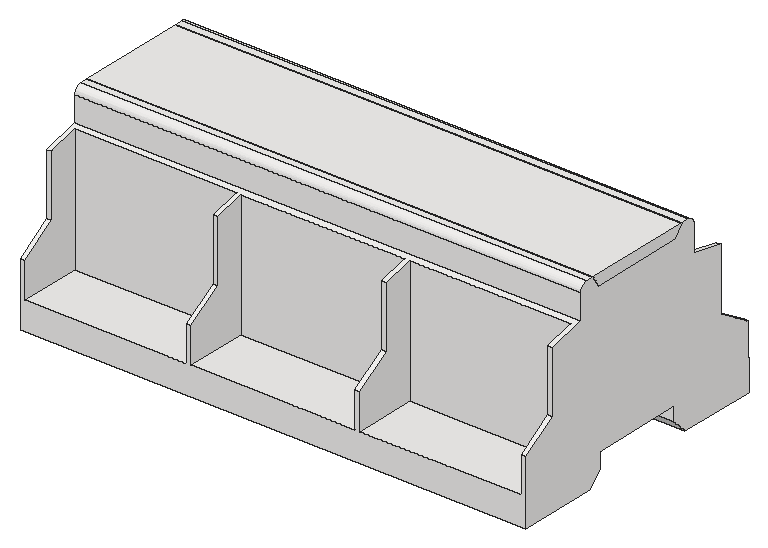
Revit family "Control_Unit-Lutron-Energi_Savr_Node-QSN-2ECO-120-D", category Lighting Devices, host Face, Revit 2018
Family settings
  Host = Face
  Maintain Annotation Orientation = Yes
  Round Connector Dimension = Use Radius
  Part Type = Normal
  OmniClass Number = 23.80.30.11.17
  OmniClass Title = Distribution Boards and Control Panels
  Cut with Voids When Loaded = No
  Shared = No
  Room Calculation Point = No
Parameters (values of type "QSN-2ECO-120-D")
  Warranty URL = "http://www.lutron.com/en-US/Service-Support/Pages/Service/Warranty/Warranty.aspx"
  Voltage = 120 V
  Video Link = "https://www.youtube.com/user/LutronElectronicsInc"
  Version = "2018 - v1.0a"  # constant formula
  Type Comments = ""
  Support Phone = "(224) 699-9545"  # constant formula
  Support Email = "mailto: support@anguleris.com"
  Product Page URL = "https://www.lutron.com/en-US/products/pages/wholebuildingsystems/athena/overview.aspx"
  Product Name = "EcoSystem Power Module"
  Product Documentation Link = "https://www.lutron.com/TechnicalDocumentLibrary/3691142.pdf"
  Performance URL = "http://www.lutron.com/en-US/Service-Support/Pages/Technical/PerfomanceSpecs.aspx"
  Operating Voltage = "120 V~ 50/60 Hz 120 mA"
  URL = "http://www.lutron.com"
  Series = "Athena"
  Overall Width = 0' - 6 3/8"  # constant formula
  Overall Height = 0' - 2 3/8"  # constant formula
  Overall Depth = 0' - 3 1/2"  # constant formula
  Number of Poles = 1
  Model = "QSN-2ECO-120-D"
  Minimum Operating Temperature = 32 °F
  Maximum Operating Temperature = 104 °F
  Material = ""
  Manufacturer Phone Number = "610-282-3800"  # constant formula
  Manufacturer Fax Number = "610-282-1243"  # constant formula
  Manufacturer Email = "mailto:support@lutron.com"
  Manufacturer Address = "7200 Suter Rd, Coopersburg, PA 18036"  # constant formula
  Manufacturer = "Lutron Electronics Co., Inc"  # constant formula
  Label [instance] = "LC"
  Keynote = ""
  Instruction Sheet Link = "http://www.lutron.com/en-US/Service-Support/Pages/Technical/InstallationInstructions/InstallationInstructions.aspx#Power%20Interfaces%20&%20Power%20Panels"
  Frequency = "50|60 Hz"
  Finish = Plastic - Lutron - White - Matte
  Description = "The Energi Savr Node (ESN) family is a group of modular products for the control of lighting loads\r\nand motor loads."
  Default Elevation = 4' - 0"
  Current = 0.12 A
  Cost Info = "mailto:sales@lutron.com"
  Cost = 0
  Copyright = "© 2021 Lutron Electronics Co., Inc."  # constant formula
  Assembly Code = "D3060"
  Apparent Power [instance] = Voltage * Current  # 14.4 VA
  Annotation Symbol Visibility [instance] = yes
Reference planes (in)
  plane 1 "Center (Front/Back)": y = 0
  plane 2: z = 0
  plane 3 "Center (Left/Right)": x = 0
  plane 4: z = 2.375
  plane 5: y = 1.75
  plane 6: y = -1.75
  plane 7: x = -3.1875
  plane 8: x = 3.1875
  plane 9: x = -1.0625
  plane 10: x = 1.0625
Forms (in)
  Extrusion 1, solid, material "Plastic - Lutron - White - Matte" <- "Finish"
    sketch origin (8.5, 0.00455, 0.02943) x (0, -1, 0) y (0, 0, 1)
      loop
        line (1.75455, -0.02943) -> (1.75455, 0.77871) -> (1.33367, 1.04799) -> (1.33367, 1.82638) -> (0.89356, 1.93611) -> (0.89356, 2.25426)
        arc (0.89356, 2.25426) -> (0.86682, 2.31883) -> (0.80225, 2.34557) r 0.09132
        line (0.80225, 2.34557) -> (0.70059, 2.34557) -> (0.60254, 2.20554) -> (0.00455, 2.20554) -> (-0.59343, 2.20554) -> (-0.69149, 2.34557) -> (-0.79314, 2.34557)
        arc (-0.79314, 2.34557) -> (-0.86123, 2.31511) -> (-0.88388, 2.24403) r 0.09132
        line (-0.88388, 2.24403) -> (-0.88388, 1.92541) -> (-1.3105, 1.83473) -> (-1.3105, 1.05456) -> (-1.74545, 0.77972) -> (-1.74545, -0.02943) -> (-0.75275, -0.02943) -> (-0.57598, 0.14735) -> (-0.57598, 0.33151) -> (0.5916, 0.33151) -> (0.5916, 0.1255) -> (0.74653, -0.02943) -> (1.75455, -0.02943)
    from 5.3125 to 11.6875
  Extrusion 2, void
    sketch origin (0, -12.51256, 0) x (1, 0, 0) y (0, 1, 0)
      loop
        line (-1.03364, 13.47887) -> (1.03364, 13.47887) -> (1.03364, 14.33418) -> (-1.03364, 14.33418) -> (-1.03364, 13.47887)
      loop
        line (3.12977, 14.33418) -> (1.09136, 14.33418) -> (1.09136, 13.47887) -> (3.12977, 13.47887) -> (3.12977, 14.33418)
      loop
        line (-3.12977, 14.33418) -> (-3.12977, 13.47887) -> (-1.09136, 13.47887) -> (-1.09136, 14.33418) -> (-3.12977, 14.33418)
      loop
        line (-1.03364, 11.54625) -> (-1.03364, 10.69094) -> (1.03364, 10.69094) -> (1.03364, 11.54625) -> (-1.03364, 11.54625)
      loop
        line (3.12977, 10.69094) -> (3.12977, 11.54625) -> (1.09136, 11.54625) -> (1.09136, 10.69094) -> (3.12977, 10.69094)
      loop
        line (-3.12977, 10.69094) -> (-1.09136, 10.69094) -> (-1.09136, 11.54625) -> (-3.12977, 11.54625) -> (-3.12977, 10.69094)
    from 0.36094 to 2.375
  Extrusion 3, solid, material "Plastic - Lutron - White - Matte" <- "Finish"
    sketch origin (0, 0, 0) x (0, 1, 0) y (0, 0, 1)
      loop
        line (-0.69604, 2.375) -> (-0.59799, 2.23497) -> (0.59799, 2.23497) -> (0.69604, 2.375) -> (-0.69604, 2.375)
    from -3.1875 to 3.1875
Cuts and joins
  Extrusion 2 cuts Extrusion 1
Lines and regions (in)
  Masking region 1
    outline origin (0, 0, 0) x (1, 0, 0) y (0, 0, 1)
      loop
        line (3.1875, 0) -> (3.1875, 2.375) -> (-3.1875, 2.375) -> (-3.1875, 0) -> (3.1875, 0)
  symbolic lines, detail levels medium+fine
    curve 1: line (3.1875, 0, 2.29882) -> (-3.1875, 0, 2.29882)
  symbolic lines, detail levels fine
    curve 2: line (3.12977, 0, 1.95483) -> (3.12977, 0, 0.36094)
    curve 3: line (3.12977, 0, 0.36094) -> (1.09136, 0, 0.36094)
    curve 4: line (1.09136, 0, 0.36094) -> (1.09136, 0, 1.93828)
    curve 5: line (1.03364, 0, 1.93828) -> (1.03364, 0, 0.36094)
    curve 6: line (1.03364, 0, 0.36094) -> (-0.02886, 0, 0.36094)
    curve 7: line (-0.02886, 0, 0.36094) -> (-1.03364, 0, 0.36094)
    curve 8: line (-1.03364, 0, 0.36094) -> (-1.03364, 0, 1.93828)
    curve 9: line (-1.09136, 0, 1.93828) -> (-1.09136, 0, 0.36094)
    curve 10: line (-1.09136, 0, 0.36094) -> (-3.12977, 0, 0.36094)
    curve 11: line (-3.12977, 0, 0.36094) -> (-3.12977, 0, 1.95483)
    curve 12: line (3.12977, 0, 1.95483) -> (-3.12977, 0, 1.95483)
    curve 13: line (1.09136, 0, 1.93828) -> (3.12977, 0, 1.93828)
    curve 14: line (-0.02886, 0, 1.93828) -> (1.09136, 0, 1.93828)
    curve 15: line (-1.03364, 0, 1.93828) -> (-0.02886, 0, 1.93828)
    curve 16: line (-1.09136, 0, 1.93828) -> (-3.12977, 0, 1.93828)
Dimensions and locks (in)
  equal spacing: host sketch curve, plane 1 "Center (Front/Back)", host sketch curve
  equal spacing: host sketch curve, plane 3 "Center (Left/Right)", host sketch curve
  "Overall Height": plane 4 to level
  equal spacing: plane 5, plane 1 "Center (Front/Back)", plane 6
  "Overall Depth": plane 5 to plane 6
  equal spacing: plane 7, plane 3 "Center (Left/Right)", plane 8
  "Overall Width": plane 7 to plane 8
  equal spacing: cut or joined group of Extrusion 1, Extrusion 2, plane 9, cut or joined group of Extrusion 1, Extrusion 2  (x2)
  equal spacing: cut or joined group of Extrusion 1, Extrusion 2, plane 10, cut or joined group of Extrusion 1, Extrusion 2  (x2)
  equal spacing: plane 7, plane 9, plane 10, plane 8
  Extrusion 2 sketch curve to Extrusion 2 sketch curve to Extrusion 2 sketch curve to Extrusion 2 sketch curve to Extrusion 2 sketch curve to Extrusion 2 sketch curve to plane 3 "Center (Left/Right)" to Extrusion 2 sketch curve to Extrusion 2 sketch curve to Extrusion 2 sketch curve to Extrusion 2 sketch curve to Extrusion 2 sketch curve to Extrusion 2 sketch curve = 0' - 0" locked, 0' - 2.03841" locked, 0' - 0" locked, 0' - 0.05773" locked, 0' - 0" locked, 0' - 1.03364" locked, 0' - 1.03364" locked, 0' - 0" locked, 0' - 0.05773" locked, 0' - 0" locked, 0' - 2.03841" locked, 0' - 0" locked
  Extrusion 2 sketch curve to Extrusion 2 sketch curve to Extrusion 2 sketch curve to plane 1 "Center (Front/Back)" to Extrusion 2 sketch curve to Extrusion 2 sketch curve to Extrusion 2 sketch curve = 0' - 0" locked, 0' - 0" locked, 0' - 1.82162" locked, 0' - 1.82162" locked, 0' - 0" locked, 0' - 0" locked
  aligned and locked: plane 2 to host face
  aligned and locked: level to host face
  aligned and locked: plane 1 "Center (Front/Back)" to nested 1
  aligned and locked: plane 3 "Center (Left/Right)" to nested 1
  aligned and locked: plane 7 to Extrusion 1
  aligned and locked: plane 8 to cut or joined group of Extrusion 1, Extrusion 2
  aligned and locked: cut or joined group of Extrusion 1, Extrusion 2 to plane 6
  aligned and locked: cut or joined group of Extrusion 1, Extrusion 2 to plane 5
  aligned and locked: plane 4 to cut or joined group of Extrusion 1, Extrusion 2  (x2)
  aligned and locked: plane 4 to Extrusion 3 sketch curve
  aligned and locked: Extrusion 3 sketch curve to cut or joined group of Extrusion 1, Extrusion 2  (x3)
  aligned and locked: Extrusion 3 to cut or joined group of Extrusion 1, Extrusion 2
  aligned and locked: cut or joined group of Extrusion 1, Extrusion 2 to Extrusion 3
  aligned and locked: Extrusion 2 to Extrusion 1  (x2)
Automatic sketch dimensions
  Extrusion 1 sketch curve to level = 0' - 0"  (x2)
  Extrusion 1 sketch curve to plane 4 = 0' - 0"  (x2)
  Extrusion 1 sketch curve to plane 1 "Center (Front/Back)" = 0' - 0"
  level to Extrusion 1 sketch curve = 0' - 0.17678"
  Extrusion 1 sketch curve to plane 1 "Center (Front/Back)" = 0' - 0.58053"
  Extrusion 1 sketch curve to plane 4 = 0' - 0.14003"
  Extrusion 1 sketch curve to plane 1 "Center (Front/Back)" = 0' - 0.59799"
  Extrusion 1 sketch curve to Extrusion 1 sketch curve = 0' - 0.09805"  (x2)
  Extrusion 1 sketch curve to Extrusion 1 sketch curve = 0' - 0.17678"
  Extrusion 1 sketch curve to Extrusion 1 sketch curve = 0' - 0.10166"  (x2)
  Extrusion 1 sketch curve to Extrusion 1 sketch curve = 0' - 0.09074"
  plane 5 to Extrusion 1 sketch curve = 0' - 0.43495"
  Extrusion 1 sketch curve to plane 5 = 0' - 0"
  plane 1 "Center (Front/Back)" to Extrusion 1 sketch curve = 0' - 0.58705"
  Extrusion 1 sketch curve to Extrusion 1 sketch curve = 0' - 0.59799"
  Extrusion 1 sketch curve to Extrusion 1 sketch curve = 0' - 0.15493"
  Extrusion 1 sketch curve to plane 4 = 0' - 0.40946"
  Extrusion 1 sketch curve to Extrusion 1 sketch curve = 0' - 0.09132"
  plane 6 to Extrusion 1 sketch curve = 0' - 0.42088"
  Extrusion 1 sketch curve to plane 6 = 0' - 0"
  level to Extrusion 1 sketch curve = 0' - 0.15493"
  Extrusion 1 sketch curve to Extrusion 1 sketch curve = 0' - 0.20601"
  Extrusion 1 sketch curve to Extrusion 1 sketch curve = 0' - 0.80814"
  Extrusion 1 sketch curve to Extrusion 1 sketch curve = 0' - 0.80915"
  Extrusion 1 sketch curve to Extrusion 1 sketch curve = 0' - 0.26928"
  Extrusion 1 sketch curve to Extrusion 1 sketch curve = 0' - 0.27484"
  Extrusion 1 sketch curve to Extrusion 1 sketch curve = 0' - 0.10973"
  Extrusion 1 sketch curve to plane 4 = 0' - 0.51085"
  Extrusion 1 sketch curve to Extrusion 1 sketch curve = 0' - 0.28013"
  Extrusion 1 sketch curve to plane 4 = 0' - 0.10154"
  plane 6 to Extrusion 2 sketch curve = 0' - 0.78369"  (x2)
  Extrusion 2 sketch curve to Extrusion 2 sketch curve = 0' - 0"  (x2)
  plane 5 to Extrusion 2 sketch curve = 0' - 0.78369"  (x2)
  Masking region 1 sketch curve to level = 0' - 0"
  plane 7 to Masking region 1 sketch curve = 0' - 0"
  Masking region 1 sketch curve to plane 8 = 0' - 0"
  Masking region 1 sketch curve to plane 4 = 0' - 0"
  plane 7 to curve 1 = 0' - 0"
  curve 1 to plane 8 = 0' - 0"
  curve 10 to plane 7 = 0' - 0.05773"
  curve 15 to plane 3 "Center (Left/Right)" = 0' - 0.02886"
  curve 7 to plane 3 "Center (Left/Right)" = 0' - 0.02886"
  curve 2 to plane 8 = 0' - 0.05773"
  level to curve 6 = 0' - 0.36094"
  level to curve 10 = 0' - 0.36094"
  level to curve 2 = 0' - 0.36094"
  curve 8 to plane 4 = 0' - 0.43672"
  curve 16 to curve 8 = 0' - 0"
  curve 13 to curve 12 = 0' - 0.01655"
  curve 1 to plane 4 = 0' - 0.07618"
  curve 16 to curve 14 = 0' - 1 1/16"
  curve 9 to curve 15 = 0' - 0.05773"
  plane 3 "Center (Left/Right)" to curve 5 = 0' - 1.03364"
  curve 5 to curve 4 = 0' - 0.05773"
Nested families (in)
  nested 1: "Lutron_Lighting_Power_Module_Annotation" at (0, 0, 0), visible <- "Annotation Symbol Visibility", type "QSE-CL-4M-D/LQSE-4M-D", detail levels coarse+medium
Connectors (in)
  electrical at (0, 1.25365, 0)
    settings: on cut or joined group of Extrusion 1, Extrusion 2, index 1, voltage 0 V, apparent load 0 VA, apparent load phase1 0 VA, apparent load phase2 0 VA, apparent load phase3 0 VA, power factor 1, load classification "Other", number of poles 1, system type 13, power factor state 1, is connector primary yes, connector utility no, sub classification motor no, connector description "Controls Connection"
  electrical at (0, -1.24599, 0), driven by "Number of Poles", driven by "Voltage", driven by "Apparent Power"
    settings: on cut or joined group of Extrusion 1, Extrusion 2, index 2, voltage 120 V, apparent load 0 VA, apparent load phase1 14.4 VA, apparent load phase2 0 VA, apparent load phase3 0 VA, power factor 1, load classification "Other", number of poles 1, system type 31, power factor state 1, is connector primary no, connector utility no, sub classification motor no, connector description "Power Connection"
Definition of nested family "Lutron_Lighting_Power_Module_Annotation"
  Parameters (values of type "QSWS2")
    Label = "KP"
  Types (9): name | Label
    QSE-IO | "QSE-IO"
    QSE-CL-4M-D/LQSE-4M-D | "4M"
    QSE-CL-DMX | "DMX"
    PHPM-WBX-120-WH | "WBX"
    LQSE-2DAL-D | "2DAL"
    LQSE-4S10-D | "4S10"
    LQSE-4T10-D | "4T10"
    LQSE-4A-D | "4A"
    QSWS2 | "KP"
  Reference planes (in)
    plane 1: y = 0
    plane 2: x = 0
  Lines and regions (in)
    detail lines, not visible
      curve 1: line (0, 0.12891, 0) -> (0, 0, 0)
    reference lines
      curve 2: line (0, 0.0625, 0) -> (-0.11983, 0.0625, 0)
      curve 3: line (0.10095, -0.04722, 0) -> (0.10095, 0.09386, 0)
      curve 4: line (0.10095, -0.04722, 0) -> (0.28349, -0.04722, 0)
      curve 5: line (0.10095, 0.04579, 0) -> (0.31014, 0.04579, 0)
    detail lines
      curve 6: line (-0.15637, 0.42347, 0) -> (0.15896, 0.42347, 0)
      curve 7: line (-0.15637, 0.12891, 0) -> (-0.15637, 0.42347, 0)
      curve 8: line (0.15896, 0.12891, 0) -> (-0.15637, 0.12891, 0)
      curve 9: line (0.15896, 0.42347, 0) -> (0.15896, 0.12891, 0)
      curve 10: line (0, 0.12891, 0) -> (0, 0, 0)
      curve 11: line (-0.08143, 0, 0) -> (0.08143, 0, 0)
  Text (in)
    label "2DAL" at (0.00317, 0.27539, 0), shows "Label"
  Dimensions and locks (in)
    locked: curve 4 to curve 5 at 0.09301
    locked: curve 1 to curve 3 at 0.10095
    curve 1 to curve 1 = 0' - 0 33/256"
    locked: plane 1 to curve 2 at 0.0625
    equal spacing: curve 11, plane 2, curve 11
    locked: curve 11 to curve 11 at 0.16287
    locked: curve 11 to curve 8 at 0.12891
    aligned and locked: curve 1 to curve 2
    aligned and locked: plane 1 to curve 1
    aligned and locked: curve 1 to plane 2
    aligned and locked: plane 2 to curve 1
    aligned and locked: curve 10 to plane 2
